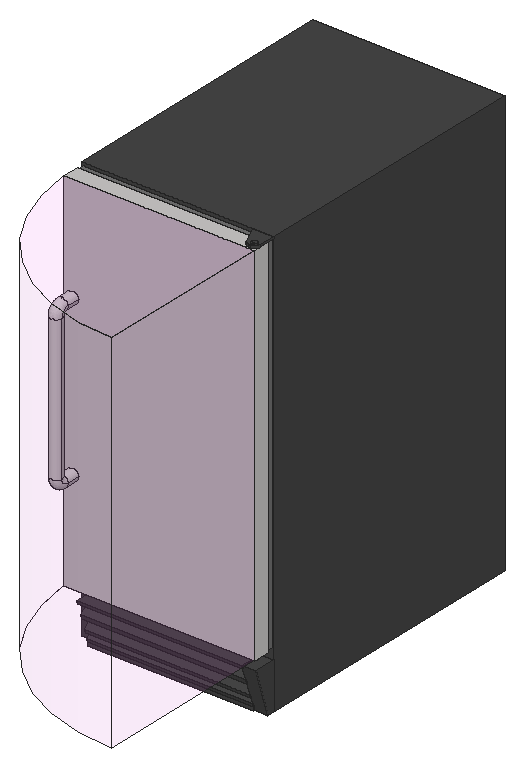
Revit family "QF_Summit_BIM44G_Ice_Maker", category Specialty Equipment, Revit 2020
Family settings
  Round Connector Dimension = Use Diameter
  Part Type = Normal
  Work Plane-Based = No
  Always vertical = Yes
  Cut with Voids When Loaded = No
  Shared = No
  Room Calculation Point = No
Parameters
  Weight in Pounds = 100
  Watts = if(Phase = 3, Volts * FL Amps * 1.73, Volts * FL Amps)  # 552 W
  Waste Water Discharge Temperature = -459.67 °F
  Volts = 115 V
  Ventilation Remarks = ""
  URL Cutsheet = ""
  Specification by User = ""
  Specification by Manufacturer = ""
  Show RHD [instance] = yes
  Show LHD [instance] = not(Show RHD)  # no
  Show Clearance [instance] = yes
  Serial Number = ""
  Seismic Rating = ""
  SMACNA No = ""
  Revision Code = ""
  Refrigerant Volume = 0.00 kip
  Refrigerant Type = "R134a"
  Plumbing Remarks = ""
  Phase = 1
  Number of Poles = 1
  NAFEM Spec ID Number = ""
  Model = "BIM44G"
  Min Ckt Ampacity = 0 A
  Max Overcurrent Protection = 0 A
  Masterspec = ""
  Manufacturer = "Summit"
  Length = 14 1/2"
  Item Number = ""
  Installed By = ""
  Indirect Waste Size = 3/4"
  Indirect Waste Flow = 0 GPM
  Indirect Waste Connection Type = ""
  Indirect Waste Connection Height = 0"
  Identify Quantity as Lot = yes
  Height = 33"
  HP = ""
  Furnished By = ""
  Foodservice Equipment Identifier = yes
  FL Amps = 4.8 A
  Electrical Remarks = ""
  Electric Connection Type = ""
  Elec Conn RI Height = 0"
  Elec Conn Connection Height = 0"
  Direct Waste Size = 0"
  Direct Waste RI Height = 0"
  Direct Waste Flow = 0 GPM
  Direct Waste Connection Height = 0"
  Description = "Ice Maker"
  Depth = 23 1/2"
  Default Elevation = 0"
  Cycle = 60 Hz
  Conn Plug = ""
  Conn Conduit = yes
  Cold Water Temperature Recommended = -459.67 °F
  Cold Water Size = 3/8"
  Cold Water RI Height = 0"
  Cold Water Minimum Pressure = 0.00 psi
  Cold Water Maximum Pressure = 0.00 psi
  Cold Water Flow = 0 GPM
  Cold Water Consumption = ""
  Cold Water Connection Height = 0"
  CSI MasterFormat = ""
  Base Height [instance] = 7/8"
  BTUH = 0.0 Btu/h
  Apparent Power = if(Phase = 3, Volts * FL Amps * 1.73, Volts * FL Amps)  # 552 VA
Reference planes (in)
  plane 1 "BACK": y = 0
  plane 2: z = 0
  plane 3 "LEFT": x = 0
  plane 4 "RIGHT": x = 14.5
  plane 5 "FRONT": y = -23.25
  plane 6 "TOP": z = 33
  plane 7 "Center Y": x = 7.25
  plane 8 "Center X": y = -11.625
  plane 9 "Base Height": z = 0.875
  plane 10: y = -36.75
  plane 11: y = -25.25
  plane 12: y = -21.5
  plane 13: y = 0.25
Forms (in)
  Extrusion 1, solid, material "QF_Metal_Black"
    sketch origin (0, 0, 0.875) x (-1, 0, 0) y (0, -1, 0)
      loop
        line (0, 21.5) -> (-14.5, 21.5) -> (-14.5, -0.25) -> (0, -0.25) -> (0, 21.5)
    from 0 to 32.125
  Extrusion 2, solid, material "QF_Metal_Stainless_Polished"
    sketch origin (14.5, -21.5, 0.875) x (-1, 0, 0) y (0, 0, -1)
      loop
        line (0.0625, -31.9375) -> (14.4375, -31.9375) -> (14.4375, -4.1875) -> (0.0625, -4.1875) -> (0.0625, -31.9375)
    from 0.48459 to 1.75
  Extrusion 3, solid, material "QF_Rubber - Black - Smooth"
    sketch origin (14.5, -21.5, 0.875) x (-1, 0, 0) y (0, 0, -1)
      loop
        line (14.375, -31.875) -> (14.375, -4.25) -> (0.125, -4.25) -> (0.125, -31.875) -> (14.375, -31.875)
    from 0 to 0.48459
  Extrusion 4, solid, material "QF_Metal_Black", visible <- "Show LHD"
    sketch origin (0, 0, 33) x (-1, 0, 0) y (0, -1, 0)
      loop
        arc (-1.59653, 21.54634) -> (-1.5807, 21.51337) -> (-1.54666, 21.5) r 0.05
        line (-1.54666, 21.5) -> (0, 21.5) -> (0, 22.79709)
        arc (0, 22.79709) -> (-0.10983, 23.06226) -> (-0.375, 23.17209) r 0.375
        line (-0.375, 23.17209) -> (-0.57316, 23.17209)
        arc (-0.57316, 23.17209) -> (-0.77491, 23.11319) -> (-0.91329, 22.95501) r 0.375
        line (-0.91329, 22.95501) -> (-1.59653, 21.54634)
      loop
        circle (-0.375, 22.85959) r 0.21875
    from 0 to -0.125
  Revolve 5, solid, material "QF_Metal_Black", visible <- "Show LHD"
    sketch origin (0, -22.8585, 0) x (1, 0, 0) y (0, 0, 1)
      loop
        line (0.375, 33.0625) -> (0.15649, 33.0625) -> (0.15649, 32.875) -> (0.26575, 32.875) -> (0.26575, 32.8125) -> (0.375, 32.8125) -> (0.375, 33.0625)
      axis (0.375, 32.8125) -> (0.375, 33.0625)
    angle from 0 to 360
  Extrusion 6, solid, material "QF_Metal_Black", visible <- "Show LHD"
    sketch origin (14.4375, -21.5, 5.0625) x (0, 1, 0) y (1, 0, 0)
      loop
        line (0, -14.4375) -> (0, -12.89084)
        arc (0, -12.89084) -> (-0.01337, -12.8568) -> (-0.04634, -12.84097) r 0.05
        line (-0.04634, -12.84097) -> (-1.45501, -13.52421)
        arc (-1.45501, -13.52421) -> (-1.61319, -13.66259) -> (-1.67209, -13.86434) r 0.375
        line (-1.67209, -13.86434) -> (-1.67209, -14.0625)
        arc (-1.67209, -14.0625) -> (-1.56226, -14.32767) -> (-1.29709, -14.4375) r 0.375
        line (-1.29709, -14.4375) -> (0, -14.4375)
    from 0.125 to 0.25
  Extrusion 7, solid, material "QF_Metal_Black", visible <- "Show LHD"
    sketch origin (14.4375, -21.5, 4.9375) x (0, 1, 0) y (-1, 0, 0)
      loop
        circle (-1.3585, 14.0625) r 0.21851
    from 0 to 0.125
  Extrusion 8, solid, material "QF_Metal_Black", visible <- "Show LHD"
    sketch origin (0, 0, 0) x (0, 1, 0) y (0, 0, 1)
      loop
        line (-21.5, 0.875) -> (-21.5, 4.375) -> (-23.25, 4.375) -> (-22.10007, 0.875) -> (-21.5, 0.875)
    from 0 to 1
  Extrusion 9, solid, material "QF_Metal_Black"
    sketch origin (14.5, 0, 0) x (0, -1, 0) y (0, 0, 1)
      loop
        line (21.5, 0.875) -> (22.10007, 0.875) -> (23.25, 4.375) -> (21.5, 4.375) -> (21.5, 0.875)
    from 0 to 1
  Extrusion 10, solid, material "QF_Metal_Black"
    sketch origin (1, 0, 0) x (0, 1, 0) y (0, 0, 1)
      loop
        line (-21.5, 4.375) -> (-23.25, 4.375) -> (-23.16786, 4.125) -> (-21.625, 4.125) -> (-22.88812, 3.27357) -> (-22.79693, 2.99602) -> (-21.625, 2.99602) -> (-22.50527, 2.10829) -> (-22.42193, 1.85465) -> (-21.67961, 1.85465) -> (-22.26434, 1.375) -> (-22.1822, 1.125) -> (-22.1822, 0.875) -> (-21.5, 0.875) -> (-21.5, 4.375)
    from 0 to 12.5
  Sweep 11, solid, material "QF_Metal_Stainless_Polished", visible <- "Show LHD"
    path origin (14.5, 0, 0) x (0, -1, 0) y (0, 0, 1)
      loop
        line (23.25, 25.25) -> (24.25, 25.25)
        arc (24.25, 25.25) -> (24.95711, 24.95711) -> (25.25, 24.25) r 1
        line (25.25, 24.25) -> (25.25, 13.375)
        arc (25.25, 13.375) -> (24.95711, 12.66789) -> (24.25, 12.375) r 1
        line (24.25, 12.375) -> (23.25, 12.375)
    profile origin (14.5, -25.25, 18.8125) x (-1, 0, 0) y (0, -1, 0)
      loop
        circle (0.6875, -0.4375) r 0.4375
  Extrusion 12, void
    sketch origin (0, 0, 0.875) x (1, 0, 0) y (0, 0, -1)
      loop
        line (0.25, -7.875) -> (5, -7.875) -> (5, -0.25) -> (0.25, -0.25) -> (0.25, -7.875)
    from -1 to 1
  Extrusion 13, solid, material "QF_Rubber - Black - Smooth"
    sketch origin (0, 0, 0.875) x (1, 0, 0) y (0, 0, -1)
      loop
        circle (5.5, -0.75) r 0.25
    from 0 to 0.0625
  Extrusion 14, solid
    sketch origin (0, -1, 0.875) x (1, 0, 0) y (0, 0, -1)
      loop
        circle (1.75, -4.875) r 0.375
      loop
        circle (3.0625, -6.57986) r 0.1875
    from 0 to 0.0625
  Extrusion 15, solid, material "QF_Clearances_Door_Drawer", visible <- "Show LHD"
    sketch origin (14.4375, -21.5, 5.0625) x (0, 1, 0) y (1, 0, 0)
      loop
        arc (-1.75, 0.00137) -> (-11.3422, -4.51854) -> (-15.25245, -14.375) r 14.42446
        line (-15.25245, -14.375) -> (-1.75, -14.375) -> (-1.75, 0.00137)
    from 0 to -27.75
  Revolve 16, solid, material "QF_Metal_Black"
    sketch origin (0, -20, 0) x (1, 0, 0) y (0, 0, 1)
      loop
        line (1.125, 0) -> (1.5, 0) -> (1.5, 0.875) -> (1, 0.875) -> (1, 0.5) -> (1.125, 0.5) -> (1.125, 0)
      axis (1.5, 0.875) -> (1.5, 0)
    angle from 0 to 360
  Revolve 17, solid, material "QF_Metal_Black"
    sketch origin (11.5, -20, 0) x (1, 0, 0) y (0, 0, 1)
      loop
        line (1.125, 0) -> (1.5, 0) -> (1.5, 0.875) -> (1, 0.875) -> (1, 0.5) -> (1.125, 0.5) -> (1.125, 0)
      axis (1.5, 0.875) -> (1.5, 0)
    angle from 0 to 360
  Revolve 18, solid, material "QF_Metal_Black"
    sketch origin (0, -1.5, 0) x (1, 0, 0) y (0, 0, 1)
      loop
        line (1.125, 0) -> (1.5, 0) -> (1.5, 0.875) -> (1, 0.875) -> (1, 0.5) -> (1.125, 0.5) -> (1.125, 0)
      axis (1.5, 0.875) -> (1.5, 0)
    angle from 0 to 360
  Revolve 19, solid, material "QF_Metal_Black"
    sketch origin (11.5, -1.5, 0) x (1, 0, 0) y (0, 0, 1)
      loop
        line (1.125, 0) -> (1.5, 0) -> (1.5, 0.875) -> (1, 0.875) -> (1, 0.5) -> (1.125, 0.5) -> (1.125, 0)
      axis (1.5, 0.875) -> (1.5, 0)
    angle from 0 to 360
  Revolve 20, solid, material "QF_Metal_Black", visible <- "Show RHD"
    sketch origin (14.5, -22.8585, 0) x (-1, 0, 0) y (0, 0, -1)
      loop
        line (0.375, -33.0625) -> (0.375, -32.8125) -> (0.26575, -32.8125) -> (0.26575, -32.875) -> (0.15649, -32.875) -> (0.15649, -33.0625) -> (0.375, -33.0625)
      axis (0.375, -32.8125) -> (0.375, -33.0625)
    angle from 0 to 360
  Extrusion 21, solid, material "QF_Metal_Black", visible <- "Show RHD"
    sketch origin (0.0625, -21.5, 4.9375) x (0, 1, 0) y (-1, 0, 0)
      loop
        circle (-1.3585, -14.0625) r 0.21851
    from 0 to 0.125
  Sweep 22, solid, material "QF_Metal_Stainless_Polished", visible <- "Show RHD"
    path origin (0, 0, 0) x (0, -1, 0) y (0, 0, -1)
      loop
        line (23.25, -25.25) -> (24.25, -25.25)
        arc (24.25, -25.25) -> (24.95711, -24.95711) -> (25.25, -24.25) r 1
        line (25.25, -24.25) -> (25.25, -13.375)
        arc (25.25, -13.375) -> (24.95711, -12.66789) -> (24.25, -12.375) r 1
        line (24.25, -12.375) -> (23.25, -12.375)
    profile origin (0, -25.25, 18.8125) x (1, 0, 0) y (0, 1, 0)
      loop
        circle (0.6875, 0.4375) r 0.4375
  Extrusion 23, solid, material "QF_Clearances_Door_Drawer", visible <- "Show RHD"
    sketch origin (0.0625, -21.5, 5.0625) x (0, -1, 0) y (-1, 0, 0)
      loop
        line (1.75, 0.00137) -> (1.75, -14.375) -> (15.25245, -14.375)
        arc (15.25245, -14.375) -> (11.3422, -4.51854) -> (1.75, 0.00137) r 14.42446
    from 0 to -27.75
  Extrusion 24, solid, material "QF_Metal_Black", visible <- "Show RHD"
    sketch origin (14.5, 0, 33) x (1, 0, 0) y (0, 1, 0)
      loop
        line (-1.59653, -21.54634) -> (-0.91329, -22.95501)
        arc (-0.91329, -22.95501) -> (-0.77491, -23.11319) -> (-0.57316, -23.17209) r 0.375
        line (-0.57316, -23.17209) -> (-0.375, -23.17209)
        arc (-0.375, -23.17209) -> (-0.10983, -23.06226) -> (0, -22.79709) r 0.375
        line (0, -22.79709) -> (0, -21.5) -> (-1.54666, -21.5)
        arc (-1.54666, -21.5) -> (-1.5807, -21.51337) -> (-1.59653, -21.54634) r 0.05
      loop
        circle (-0.375, -22.85959) r 0.21875
    from 0 to -0.125
Cuts and joins
  Extrusion 12 cuts Extrusion 1
Lines and regions (in)
  Split face 1
    outline origin (0.375, -22.8585, 33.0625) x (0, 1, 0) y (-1, 0, 0)
      loop
        line (-0.02941, 0.21652) -> (-0.02941, -0.21751)
  Split face 2
    outline origin (0.375, -22.8585, 33.0625) x (0, 1, 0) y (-1, 0, 0)
      loop
        line (0.03309, 0.21651) -> (0.03309, -0.21651)
  Split face 3
    outline origin (14.125, -22.8585, 33.0625) x (1, 0, 0) y (0, 1, 0)
      loop
        line (0.21652, -0.02941) -> (-0.21751, -0.02941)
  Split face 4
    outline origin (14.125, -22.8585, 33.0625) x (1, 0, 0) y (0, 1, 0)
      loop
        line (0.21651, 0.03309) -> (-0.21651, 0.03309)
  symbolic lines
    curve 1: line (0, -23.25, 0.875) -> (0, 0.25, 0.875)
    curve 2: line (14.5, -21.5, 0.875) -> (0, -21.5, 0.875)
    curve 3: line (14.5, 0.25, 0.875) -> (14.5, -23.25, 0.875)
    curve 7: line (0, -23.25, 0.875) -> (14.5, -23.25, 0.875)
    curve 40: line (0, 0.25, 0.875) -> (14.5, 0.25, 0.875)
  symbolic lines, visible <- "Show LHD"
    curve 4: line (14.375, -21.98459, 0.875) -> (14.375, -21.5, 0.875)
    curve 5: line (14.4375, -21.98459, 0.875) -> (1.38396, -21.98459, 0.875)
    curve 6: line (14.4375, -23.25, 0.875) -> (14.4375, -21.98459, 0.875)
    curve 8: arc (1.59653, -21.54634, 0.875) -> (1.5807, -21.51337, 0.875) -> (1.54666, -21.5, 0.875) r 0.05
    curve 9: line (0.91329, -22.95501, 0.875) -> (1.59653, -21.54634, 0.875)
    curve 10: arc (0.57316, -23.17209, 0.875) -> (0.77491, -23.11319, 0.875) -> (0.91329, -22.95501, 0.875) r 0.375
    curve 11: line (0.375, -23.17209, 0.875) -> (0.57316, -23.17209, 0.875)
    curve 12: arc (0, -22.79709, 0.875) -> (0.10983, -23.06226, 0.875) -> (0.375, -23.17209, 0.875) r 0.375
    curve 13: arc (0.59351, -22.8585, 0.875) -> (0.375, -23.07701, 0.875) -> (0.15649, -22.8585, 0.875) r 0.21851
    curve 14: arc (0.15649, -22.8585, 0.875) -> (0.375, -22.64, 0.875) -> (0.59351, -22.8585, 0.875) r 0.21851
    curve 15: line (0.15901, -22.82541, 0.875) -> (0.59099, -22.82541, 0.875)
    curve 16: line (0.15848, -22.88791, 0.875) -> (0.59152, -22.88791, 0.875)
    curve 17: line (0.0625, -23.00438, 0.875) -> (0.0625, -23.25, 0.875)
    curve 18: line (14.12325, -23.25, 0.875) -> (14.12325, -24.81373, 0.875)
    curve 19: line (13.24984, -23.25, 0.875) -> (13.24984, -24.81373, 0.875)
    curve 20: arc (13.24984, -24.81373, 0.875) -> (13.68654, -25.25043, 0.875) -> (14.12325, -24.81373, 0.875) r 0.43671
  symbolic lines, style "QF_Clearances_Door_Drawer", visible <- "Show LHD"
    curve 21: arc (14.43783, -23.25, 0.875) -> (13.72697, -26.87976, 0.875) -> (12.11734, -30.20986, 0.875) r 14.43997
    curve 22: line (0.0625, -23.25, 0.875) -> (12.11734, -30.20986, 0.875)
  symbolic lines, visible <- "Show RHD"
    curve 23: arc (12.90347, -21.54634, 0.875) -> (12.9193, -21.51337, 0.875) -> (12.95334, -21.5, 0.875) r 0.05
    curve 24: line (13.58671, -22.95501, 0.875) -> (12.90347, -21.54634, 0.875)
    curve 25: arc (13.92684, -23.17209, 0.875) -> (13.72509, -23.11319, 0.875) -> (13.58671, -22.95501, 0.875) r 0.375
    curve 26: line (14.125, -23.17209, 0.875) -> (13.92684, -23.17209, 0.875)
    curve 27: arc (14.5, -22.79709, 0.875) -> (14.39017, -23.06226, 0.875) -> (14.125, -23.17209, 0.875) r 0.375
    curve 28: arc (13.90649, -22.8585, 0.875) -> (14.125, -23.07701, 0.875) -> (14.34351, -22.8585, 0.875) r 0.21851
    curve 29: arc (14.34351, -22.8585, 0.875) -> (14.125, -22.64, 0.875) -> (13.90649, -22.8585, 0.875) r 0.21851
    curve 30: line (14.34099, -22.82541, 0.875) -> (13.90901, -22.82541, 0.875)
    curve 31: line (14.34152, -22.88791, 0.875) -> (13.90848, -22.88791, 0.875)
    curve 32: line (0.37675, -23.25, 0.875) -> (0.37675, -24.81373, 0.875)
    curve 33: line (1.25016, -23.25, 0.875) -> (1.25016, -24.81373, 0.875)
    curve 34: arc (1.25016, -24.81373, 0.875) -> (0.81346, -25.25043, 0.875) -> (0.37675, -24.81373, 0.875) r 0.43671
    curve 37: line (0.125, -21.98459, 0.875) -> (0.125, -21.5, 0.875)
    curve 38: line (0.0625, -21.98459, 0.875) -> (13.11604, -21.98459, 0.875)
    curve 39: line (0.0625, -23.25, 0.875) -> (0.0625, -21.98459, 0.875)
  symbolic lines, style "QF_Clearances_Door_Drawer", visible <- "Show RHD"
    curve 35: arc (0.06217, -23.25, 0.875) -> (0.77303, -26.87976, 0.875) -> (2.38266, -30.20986, 0.875) r 14.43997
    curve 36: line (14.4375, -23.25, 0.875) -> (2.38266, -30.20986, 0.875)
Dimensions and locks (in)
  equal spacing: plane 3 "LEFT", plane 7 "Center Y", plane 4 "RIGHT"
  "Length": plane 3 "LEFT" to plane 4 "RIGHT"
  equal spacing: plane 5 "FRONT", plane 8 "Center X", plane 1 "BACK"
  plane 5 "FRONT" to plane 1 "BACK" = 23 1/4"
  "Height": plane 6 "TOP" to level
  "Base Height": plane 9 "Base Height" to level
  plane 10 to plane 1 "BACK" = 36 3/4"
  plane 11 to plane 5 "FRONT" = 2"
  plane 12 to plane 1 "BACK" = 21 1/2"
  plane 6 "TOP" to plane 9 "Base Height" = 32 1/8"
  plane 13 to plane 5 "FRONT" = 23 1/2"
  aligned and locked: level to plane 2
Automatic sketch dimensions
  plane 12 to Extrusion 1 sketch curve = 0"
  Extrusion 2 sketch curve to Extrusion 1 = 1/16"
  Extrusion 1 to Extrusion 2 sketch curve = 1/16"
  Extrusion 1 to Extrusion 2 sketch curve = 3/16"
  Extrusion 1 to Extrusion 2 sketch curve = 4 3/16"
  Extrusion 3 sketch curve to Extrusion 1 = 1/8"
  Extrusion 1 to Extrusion 3 sketch curve = 1/8"
  Extrusion 1 to Extrusion 3 sketch curve = 1/4"
  Extrusion 1 to Extrusion 3 sketch curve = 4 1/4"
  Extrusion 1 to Extrusion 4 sketch curve = 0"
  Extrusion 4 sketch curve to Extrusion 1 = 0"
  Extrusion 4 sketch curve to Extrusion 4 sketch curve = 3/8"
  Extrusion 4 sketch curve to Extrusion 4 sketch curve = 0"  (x2)
  Extrusion 4 sketch curve to Extrusion 4 sketch curve = 0.19816"
  Extrusion 4 sketch curve to Extrusion 4 sketch curve = 0.34013"
  Extrusion 4 sketch curve to Extrusion 1 = 1.54666"
  Extrusion 1 to Extrusion 4 sketch curve = 0.04634"
  Extrusion 4 sketch curve to Extrusion 4 sketch curve = 0.04987"
  Extrusion 1 to Extrusion 4 sketch curve = 1.29709"
  Extrusion 4 sketch curve to Extrusion 4 sketch curve = 1/16"
  plane 6 "TOP" to Revolve 5 sketch curve = 1/16"
  plane 3 "LEFT" to Revolve 5 sketch curve = 0.15649"
  Revolve 5 sketch curve to Revolve 5 sketch curve = 0.10925"  (x2)
  Revolve 5 sketch curve to plane 6 "TOP" = 1/8"
  Revolve 5 sketch curve to Revolve 5 sketch curve = 1/16"
  Revolve 5 sketch curve to Revolve 5 sketch curve = 0"  (x2)
  Revolve 5 sketch curve to Revolve 5 sketch curve = 0.17625"
  Revolve 5 to Split face 1 sketch curve = 0.02941"
  Split face 1 sketch curve to Split face 1 sketch curve = 0.43403"
  Split face 2 sketch curve to Revolve 5 = 0.03309"
  Split face 2 sketch curve to Split face 2 sketch curve = 0.43301"
  Extrusion 6 sketch curve to Extrusion 2 = 0.07791"
  Extrusion 6 sketch curve to Extrusion 2 = 0.29499"
  Extrusion 6 sketch curve to Extrusion 6 sketch curve = 0.15792"
  Extrusion 2 to Extrusion 6 sketch curve = 1/16"
  Extrusion 6 sketch curve to Extrusion 2 = 0.45291"
  Extrusion 2 to Extrusion 6 sketch curve = 0.43459"
  Extrusion 6 sketch curve to Extrusion 6 sketch curve = 0.00366"
  Extrusion 2 to Extrusion 6 sketch curve = 0.48459"
  Extrusion 6 sketch curve to Extrusion 6 sketch curve = 0.19816"
  Extrusion 6 sketch curve to Extrusion 2 = 1.48416"
  Extrusion 7 sketch curve to Extrusion 7 sketch curve = 0"  (x2)
  Extrusion 7 sketch curve to Extrusion 6 = 0.31359"
  Extrusion 7 sketch curve to Extrusion 6 = 3/8"
  Extrusion 7 sketch curve to Extrusion 7 sketch curve = 0.21851"
  Extrusion 8 sketch curve to plane 5 "FRONT" = 0"
  Extrusion 8 sketch curve to plane 9 "Base Height" = 0"
  Extrusion 8 sketch curve to plane 12 = 0"
  Extrusion 8 sketch curve to Extrusion 8 sketch curve = 0.60007"
  plane 9 "Base Height" to Extrusion 8 sketch curve = 3 1/2"
  Extrusion 9 sketch curve to plane 12 = 0"
  Extrusion 9 sketch curve to plane 9 "Base Height" = 0"
  Extrusion 9 sketch curve to plane 5 "FRONT" = 0"
  plane 12 to Extrusion 9 sketch curve = 0.60007"
  plane 9 "Base Height" to Extrusion 9 sketch curve = 3 1/2"
  Extrusion 10 sketch curve to Extrusion 8 = 0"  (x4)
  Extrusion 8 to Extrusion 10 sketch curve = 0"  (x7)
  Extrusion 10 sketch curve to Extrusion 8 = 1/4"  (x2)
  Extrusion 10 sketch curve to Extrusion 8 = 1.10143"
  Extrusion 10 sketch curve to Extrusion 10 sketch curve = 0.09119"
  Extrusion 10 sketch curve to Extrusion 10 sketch curve = 0.29167"
  Extrusion 10 sketch curve to Extrusion 10 sketch curve = 0.08333"
  Extrusion 10 sketch curve to Extrusion 8 = 1/2"
  Extrusion 10 sketch curve to Extrusion 8 = 0.17961"
  Extrusion 10 sketch curve to Extrusion 8 = 1/8"  (x2)
  Sweep 11 sketch curve to plane 5 "FRONT" = 0"  (x2)
  Sweep 11 sketch curve to plane 11 = 0"
  plane 5 "FRONT" to Sweep 11 sketch curve = 1"  (x2)
  plane 9 "Base Height" to Sweep 11 sketch curve = 11 1/2"
  Sweep 11 sketch curve to plane 6 "TOP" = 8 3/4"
  Sweep 11 sketch curve to Sweep 11 sketch curve = 0"  (x2)
  plane 4 "RIGHT" to Sweep 11 sketch curve = 11/16"
  profile plane to Sweep 11 sketch curve = 7/16"
  plane 4 "RIGHT" to Sweep 11 sketch curve = 1/4"
  Extrusion 12 sketch curve to Extrusion 12 sketch curve = 4 3/4"
  Extrusion 12 sketch curve to Extrusion 12 sketch curve = 7 5/8"
  Extrusion 14 sketch curve to Extrusion 12 = 1 1/2"
  Extrusion 14 sketch curve to Extrusion 12 = 1 15/16"
  Extrusion 14 sketch curve to Extrusion 12 = 1.29514"
  Extrusion 14 sketch curve to Extrusion 14 sketch curve = 1.70486"
  Extrusion 15 sketch curve to Extrusion 2 = 0"
  Extrusion 2 to Extrusion 15 sketch curve = 0"
  Extrusion 2 to Extrusion 15 sketch curve = 13.50245"
  Extrusion 2 to Extrusion 15 sketch curve = 0.01859"
  Extrusion 15 sketch curve to Extrusion 2 = 0.34341"
  Revolve 16 sketch curve to plane 9 "Base Height" = 0"
  Revolve 16 sketch curve to level = 0"  (x2)
  plane 3 "LEFT" to Revolve 16 sketch curve = 1"
  Revolve 16 sketch curve to Revolve 16 sketch curve = 1/8"
  Revolve 16 sketch curve to Revolve 16 sketch curve = 3/8"
  Revolve 16 sketch curve to plane 9 "Base Height" = 3/8"
  Revolve 16 sketch curve to Revolve 16 sketch curve = 0"
  Revolve 16 sketch curve to Revolve 16 sketch curve = 0.61388"
  Revolve 17 sketch curve to plane 9 "Base Height" = 0"
  Revolve 17 sketch curve to level = 0"  (x2)
  plane 4 "RIGHT" to Revolve 17 sketch curve = 2"
  Revolve 17 sketch curve to Revolve 17 sketch curve = 1/8"
  Revolve 17 sketch curve to Revolve 17 sketch curve = 3/8"
  Revolve 17 sketch curve to plane 9 "Base Height" = 3/8"
  Revolve 17 sketch curve to Revolve 17 sketch curve = 0"
  Revolve 17 sketch curve to Revolve 17 sketch curve = 0.61388"
  Revolve 18 sketch curve to plane 9 "Base Height" = 0"
  Revolve 18 sketch curve to level = 0"  (x2)
  plane 3 "LEFT" to Revolve 18 sketch curve = 1"
  Revolve 18 sketch curve to Revolve 18 sketch curve = 1/8"
  Revolve 18 sketch curve to Revolve 18 sketch curve = 3/8"
  Revolve 18 sketch curve to plane 9 "Base Height" = 3/8"
  Revolve 18 sketch curve to Revolve 18 sketch curve = 0"
  Revolve 18 sketch curve to Revolve 18 sketch curve = 0.61388"
  Revolve 19 sketch curve to plane 9 "Base Height" = 0"
  Revolve 19 sketch curve to level = 0"  (x2)
  plane 4 "RIGHT" to Revolve 19 sketch curve = 2"
  Revolve 19 sketch curve to Revolve 19 sketch curve = 1/8"
  Revolve 19 sketch curve to Revolve 19 sketch curve = 3/8"
  Revolve 19 sketch curve to plane 9 "Base Height" = 3/8"
  Revolve 19 sketch curve to Revolve 19 sketch curve = 0"
  Revolve 19 sketch curve to Revolve 19 sketch curve = 0.61388"
  plane 6 "TOP" to Revolve 20 sketch curve = 1/16"
  plane 4 "RIGHT" to Revolve 20 sketch curve = 0.15649"
  Revolve 20 sketch curve to Revolve 20 sketch curve = 0.10925"  (x2)
  Revolve 20 sketch curve to plane 6 "TOP" = 1/8"
  Revolve 20 sketch curve to Revolve 20 sketch curve = 1/16"
  Revolve 20 sketch curve to Revolve 20 sketch curve = 0"  (x2)
  Revolve 20 sketch curve to Revolve 20 sketch curve = 0.17625"
  Revolve 20 to Split face 3 sketch curve = 0.02941"
  Split face 3 sketch curve to Split face 3 sketch curve = 0.43403"
  Split face 4 sketch curve to Revolve 20 = 0.03309"
  Split face 4 sketch curve to Split face 4 sketch curve = 0.43301"
  Extrusion 21 sketch curve to Extrusion 21 sketch curve = 0"  (x2)
  Extrusion 21 sketch curve to Extrusion 6 = 0.31359"
  Extrusion 21 sketch curve to Extrusion 6 = 14 1/8"
  Extrusion 21 sketch curve to Extrusion 21 sketch curve = 0.21851"
  Sweep 22 sketch curve to plane 5 "FRONT" = 0"  (x2)
  Sweep 22 sketch curve to plane 11 = 0"
  plane 5 "FRONT" to Sweep 22 sketch curve = 1"  (x2)
  Sweep 22 sketch curve to plane 6 "TOP" = 7 3/4"
  Sweep 22 sketch curve to Sweep 22 sketch curve = 10 7/8"
  Sweep 22 sketch curve to Sweep 22 sketch curve = 0"  (x2)
  profile plane to Sweep 22 sketch curve = 11/16"
  Sweep 22 sketch curve to profile plane = 7/16"
  profile plane to Sweep 22 sketch curve = 1/4"
  Extrusion 23 sketch curve to Extrusion 2 = 0"  (x2)
  Extrusion 23 sketch curve to Extrusion 2 = 0.01859"
  Extrusion 23 sketch curve to Extrusion 2 = 0.34341"
  Extrusion 2 to Extrusion 23 sketch curve = 13.50245"
  Extrusion 1 to Extrusion 24 sketch curve = 0"
  Extrusion 24 sketch curve to Extrusion 1 = 0"
  Extrusion 24 sketch curve to Extrusion 24 sketch curve = 3/8"
  Extrusion 24 sketch curve to Extrusion 24 sketch curve = 0"  (x2)
  Extrusion 24 sketch curve to Extrusion 24 sketch curve = 0.19816"
  Extrusion 24 sketch curve to Extrusion 24 sketch curve = 0.34013"
  Extrusion 24 sketch curve to Extrusion 24 sketch curve = 1.54666"
  Extrusion 1 to Extrusion 24 sketch curve = 0.04634"
  Extrusion 24 sketch curve to Extrusion 24 sketch curve = 0.04987"
  Extrusion 1 to Extrusion 24 sketch curve = 1.29709"
  Extrusion 24 sketch curve to Extrusion 24 sketch curve = 1/16"
  Extrusion 1 sketch curve to plane 4 "RIGHT" = 0"
  Extrusion 1 sketch curve to plane 13 = 0"
  Extrusion 1 sketch curve to plane 3 "LEFT" = 0"
  plane 3 "LEFT" to Extrusion 12 sketch curve = 1/4"
  plane 9 "Base Height" to Extrusion 12 sketch curve = 7 7/8"
  plane 9 "Base Height" to Extrusion 13 sketch curve = 3/4"
  Extrusion 13 sketch curve to plane 7 "Center Y" = 1 3/4"
  plane 5 "FRONT" to curve 21 = 0"
  plane 12 to curve 4 = 0"
  plane 5 "FRONT" to curve 22 = 0"
  curve 7 to plane 3 "LEFT" = 0"
  plane 4 "RIGHT" to curve 35 = 0.02832"
  plane 4 "RIGHT" to curve 6 = 1/16"
  plane 4 "RIGHT" to curve 29 = 3/8"
  curve 26 to plane 5 "FRONT" = 0.07791"
  curve 26 to curve 28 = 0"
  plane 4 "RIGHT" to curve 18 = 0.37675"
  curve 27 to curve 25 = 0.19816"
  curve 20 to curve 20 = 0.43671"
  curve 24 to plane 5 "FRONT" = 0.29499"
  curve 25 to curve 24 = 0.34013"
  plane 12 to curve 23 = 0.05"
  curve 24 to curve 23 = 0.63337"
  plane 12 to curve 24 = 0.04634"
  plane 4 "RIGHT" to curve 22 = 2.38266"
  plane 3 "LEFT" to curve 36 = 2.38266"
  plane 12 to curve 9 = 0.04634"
  plane 3 "LEFT" to curve 9 = 1.59653"
  curve 8 to curve 8 = 0.04987"
  plane 3 "LEFT" to curve 33 = 1.25016"
  curve 9 to plane 5 "FRONT" = 0.29499"
  curve 33 to curve 9 = 0.33688"
  curve 34 to curve 34 = 0.43671"
  curve 10 to curve 10 = 0.34013"
  curve 10 to curve 14 = 0.19816"
  curve 12 to curve 13 = 0"
  plane 3 "LEFT" to curve 22 = 1/16"
  plane 3 "LEFT" to curve 39 = 1/16"
  plane 3 "LEFT" to curve 21 = 0.02832"
  plane 12 to curve 5 = 0.48459"
  plane 12 to curve 38 = 0.48459"
  curve 38 to curve 21 = 0.32791"
  curve 5 to curve 35 = 0.32791"
  curve 12 to plane 5 "FRONT" = 0.45291"
  curve 12 to curve 13 = 0.06141"
  curve 27 to curve 28 = 0.06141"
  plane 11 to curve 34 = 0.43627"
  plane 11 to curve 18 = 0.43627"
  curve 22 to plane 11 = 4.95986"
  curve 36 to plane 11 = 4.95986"
  curve 36 to curve 6 = 0"
  curve 5 to curve 4 = 1/16"
  plane 4 "RIGHT" to curve 28 = 0.15649"
  curve 28 to curve 31 = 0.00199"
  curve 29 to curve 30 = 0.00252"
  curve 14 to curve 10 = 0.02035"
  curve 13 to curve 16 = 0.00199"
  curve 14 to curve 15 = 0.00252"
  curve 37 to curve 2 = 1/8"
  curve 1 to plane 13 = 0"
  curve 27 to plane 4 "RIGHT" = 0"
  radius of Extrusion 4 sketch curve = 7/32"
  radius of Extrusion 13 sketch curve = 1/4"
  radius of Extrusion 14 sketch curve = 3/8"
  radius of Extrusion 14 sketch curve = 3/16"
  radius of Extrusion 24 sketch curve = 7/32"
Connectors (in)
  piping at (1.75, -0.9375, 5.75), diameter 0.75
    settings: on Extrusion 14, index 1, connector inside diameter 24", connector length 0", flow factor 0, pipe flow 0 GPM, pressure drop 0.00 psi, fitting loss kfactor 0, connector angle 0.00°, fixture units 0, engagement length 0", angle of deflection 0.00°, flow configuration 1, flow direction 2, fitting loss method 0, system type 16, joint type 0, gender type 0, connector reference index -1, connector utility 0, adjustable connector no, is connector primary yes, connector description "Drain"
  piping at (3.0625, -0.9375, 7.45486), diameter 0.375
    settings: on Extrusion 14, index 2, connector inside diameter 24", connector length 0", flow factor 0, pipe flow 0 GPM, pressure drop 0.00 psi, fitting loss kfactor 0, connector angle 0.00°, fixture units 0, engagement length 0", angle of deflection 0.00°, flow configuration 1, flow direction 1, fitting loss method 0, system type 20, joint type 0, gender type 0, connector reference index -1, connector utility 0, adjustable connector no, is connector primary no, connector description "Cold Water Connection"
  electrical at (5.5, 0.0625, 1.625), driven by "Volts"
    settings: on Extrusion 13, index 3, voltage 115 V, apparent load 0 VA, apparent load phase1 0 VA, apparent load phase2 0 VA, apparent load phase3 0 VA, power factor 1, load classification "Other", number of poles 1, system type 30, power factor state 1, is connector primary yes, connector utility no, sub classification motor no, connector description "Electrical Connection"
